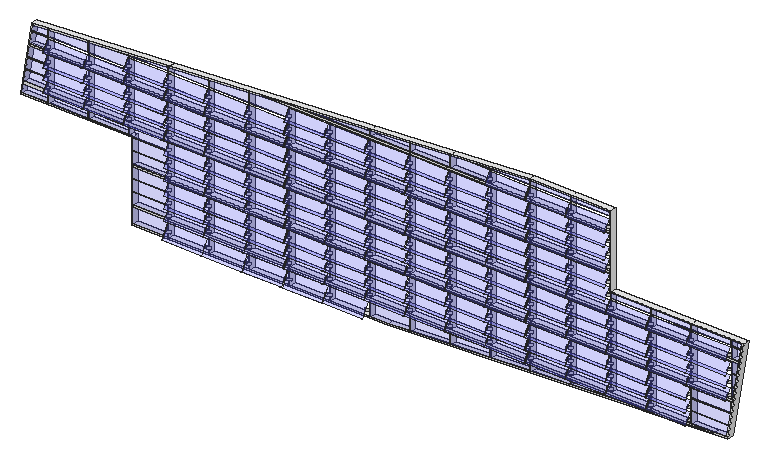
Revit family
Parameters
  프레임 = 루버 프레임
  유리 = 루버 유리
Reference planes
  plane 1 "중심(앞/뒤)": y = 0
  plane 2: z = 0
  plane 3 "중심(왼쪽/오른쪽)": x = 0
  plane 4: y = 150
  plane 5: y = 20
Forms (mm)
  Sweep 1, solid, material "루버 프레임" <- "프레임"
    path origin (0, 0, 0) x (1, 0, 0) y (0, 0, 1)
      loop
        line (-6298.594, 0) -> (75.088, 0) -> (8531.734, 443.194) -> (8929.67, 2700) -> (5638.906, 2700) -> (5638.906, 4500) -> (3613.906, 4500) -> (-8772.91, 3619.324) -> (-9067.257, 1950) -> (-6298.594, 1950) -> (-6298.594, 0)
    profile origin (-3111.753, 0, 0) x (0, 0, 1) y (0, -1, 0)
      loop
        line (0, 0) -> (0, -150) -> (25, -150) -> (25, 0) -> (0, 0)
  Extrusion 2, solid, material "루버 프레임" <- "프레임"
    sketch origin (-6298.594, 0, 0) x (1, 0, 0) y (0, 0, 1)
      loop
        line (14482.51, 450) -> (25, 450) -> (25, 400) -> (13528.454, 400) -> (14482.51, 450)
      loop
        line (14956.021, 1300) -> (14964.837, 1350) -> (25, 1350) -> (25, 1300) -> (14956.021, 1300)
      loop
        line (15123.531, 2250) -> (-2690.379, 2250) -> (-2699.195, 2200) -> (15114.715, 2200) -> (15123.531, 2250)
      loop
        line (11912.5, 3150) -> (-2531.684, 3150) -> (-2540.501, 3100) -> (11912.5, 3100) -> (11912.5, 3150)
      loop
        line (11912.5, 4000) -> (11912.5, 4050) -> (3935.711, 4050) -> (3232.455, 4000) -> (11912.5, 4000)
    from 0 to -150
  Extrusion 3, solid, material "루버 프레임" <- "프레임"
    sketch origin (0, 0, 0) x (1, 0, 0) y (0, 0, 1)
      loop
        line (-8386.094, 3100) -> (-8386.094, 2250) -> (-8361.094, 2250) -> (-8361.094, 3100) -> (-8386.094, 3100)
      loop
        line (-5386.094, 2200) -> (-5386.094, 1350) -> (-5361.094, 1350) -> (-5361.094, 2200) -> (-5386.094, 2200)
      loop
        line (-2386.094, 2200) -> (-2386.094, 1350) -> (-2361.094, 1350) -> (-2361.094, 2200) -> (-2386.094, 2200)
      loop
        line (613.906, 2200) -> (613.906, 1350) -> (638.906, 1350) -> (638.906, 2200) -> (613.906, 2200)
      loop
        line (-8386.094, 3621.763) -> (-8386.094, 3150) -> (-8361.094, 3150) -> (-8361.094, 3623.54) -> (-8386.094, 3621.763)
      loop
        line (-8386.094, 2200) -> (-8386.094, 1975) -> (-8361.094, 1975) -> (-8361.094, 2200) -> (-8386.094, 2200)
      loop
        line (6638.906, 2200) -> (6613.906, 2200) -> (6613.906, 1350) -> (6638.906, 1350) -> (6638.906, 2200)
      loop
        line (-5386.094, 3100) -> (-5386.094, 2250) -> (-5361.094, 2250) -> (-5361.094, 3100) -> (-5386.094, 3100)
      loop
        line (-5361.094, 3836.834) -> (-5386.094, 3835.056) -> (-5386.094, 3150) -> (-5361.094, 3150) -> (-5361.094, 3836.834)
      loop
        line (-5386.094, 1300) -> (-5386.094, 450) -> (-5361.094, 450) -> (-5361.094, 1300) -> (-5386.094, 1300)
      loop
        line (-5361.094, 400) -> (-5386.094, 400) -> (-5386.094, 25) -> (-5361.094, 25) -> (-5361.094, 400)
      loop
        line (-2361.094, 1300) -> (-2386.094, 1300) -> (-2386.094, 450) -> (-2361.094, 450) -> (-2361.094, 1300)
      loop
        line (-2361.094, 400) -> (-2386.094, 400) -> (-2386.094, 25) -> (-2361.094, 25) -> (-2361.094, 400)
      loop
        line (-2361.094, 3100) -> (-2386.094, 3100) -> (-2386.094, 2250) -> (-2361.094, 2250) -> (-2361.094, 3100)
      loop
        line (-2386.094, 4000) -> (-2386.094, 3150) -> (-2361.094, 3150) -> (-2361.094, 4000) -> (-2386.094, 4000)
      loop
        line (638.906, 3100) -> (613.906, 3100) -> (613.906, 2250) -> (638.906, 2250) -> (638.906, 3100)
      loop
        line (638.906, 4000) -> (613.906, 4000) -> (613.906, 3150) -> (638.906, 3150) -> (638.906, 4000)
      loop
        line (638.906, 4263.421) -> (613.906, 4261.643) -> (613.906, 4050) -> (638.906, 4050) -> (638.906, 4263.421)
      loop
        line (630.981, 1300) -> (613.906, 1300) -> (613.906, 450) -> (630.981, 450) -> (630.981, 1300)
      loop
        line (638.906, 400) -> (613.906, 400) -> (613.906, 53.273) -> (638.906, 54.583) -> (638.906, 400)
      loop
        line (6638.906, 450) -> (6638.906, 1300) -> (6613.906, 1300) -> (6613.906, 450) -> (6638.906, 450)
      loop
        line (6638.906, 400) -> (6613.906, 400) -> (6613.906, 367.719) -> (6638.906, 369.029) -> (6638.906, 400)
      loop
        line (3638.906, 4050) -> (3638.906, 4476.714) -> (3613.906, 4474.937) -> (3613.906, 4050) -> (3638.906, 4050)
      loop
        line (3638.906, 4000) -> (3613.906, 4000) -> (3613.906, 3150) -> (3638.906, 3150) -> (3638.906, 4000)
      loop
        line (3613.906, 3100) -> (3613.906, 2250) -> (3638.906, 2250) -> (3638.906, 3100) -> (3613.906, 3100)
      loop
        line (3613.906, 2200) -> (3613.906, 1350) -> (3638.906, 1350) -> (3638.906, 2200) -> (3613.906, 2200)
      loop
        line (3638.906, 1300) -> (3613.906, 1300) -> (3613.906, 450) -> (3638.906, 450) -> (3638.906, 1300)
      loop
        line (3638.906, 400) -> (3613.906, 400) -> (3613.906, 210.496) -> (3638.906, 211.806) -> (3638.906, 400)
      loop
        line (6638.906, 2675) -> (6613.906, 2675) -> (6613.906, 2250) -> (6638.906, 2250) -> (6638.906, 2675)
    from 0 to -150
  Extrusion 4, solid, material "루버 프레임" <- "프레임"
    sketch origin (0, 20, 0) x (1, 0, 0) y (0, 0, 1)
      loop
        line (-7361.094, 3694.638) -> (-7386.094, 3692.86) -> (-7386.094, 3150) -> (-7361.094, 3150) -> (-7361.094, 3694.638)
      loop
        line (-7361.094, 3100) -> (-7386.094, 3100) -> (-7386.094, 2250) -> (-7361.094, 2250) -> (-7361.094, 3100)
      loop
        line (-7361.094, 2200) -> (-7386.094, 2200) -> (-7386.094, 1975) -> (-7361.094, 1975) -> (-7361.094, 2200)
      loop
        line (8638.906, 2200) -> (8613.906, 2200) -> (8613.906, 1350) -> (8638.906, 1350) -> (8638.906, 2200)
      loop
        line (-6361.094, 1975) -> (-6361.094, 2200) -> (-6386.094, 2200) -> (-6386.094, 1975) -> (-6361.094, 1975)
      loop
        line (4638.906, 3150) -> (4638.906, 4000) -> (4613.906, 4000) -> (4613.906, 3150) -> (4638.906, 3150)
      loop
        line (4638.906, 3100) -> (4613.906, 3100) -> (4613.906, 2250) -> (4638.906, 2250) -> (4638.906, 3100)
      loop
        line (-6386.094, 3100) -> (-6386.094, 2250) -> (-6361.094, 2250) -> (-6361.094, 3100) -> (-6386.094, 3100)
      loop
        line (-6386.094, 3763.958) -> (-6386.094, 3150) -> (-6361.094, 3150) -> (-6361.094, 3765.736) -> (-6386.094, 3763.958)
      loop
        line (-4386.094, 3906.154) -> (-4386.094, 3150) -> (-4361.094, 3150) -> (-4361.094, 3907.931) -> (-4386.094, 3906.154)
      loop
        line (-4361.094, 3100) -> (-4386.094, 3100) -> (-4386.094, 2250) -> (-4361.094, 2250) -> (-4361.094, 3100)
      loop
        line (-4361.094, 2200) -> (-4386.094, 2200) -> (-4386.094, 1350) -> (-4361.094, 1350) -> (-4361.094, 2200)
      loop
        line (-4361.094, 1300) -> (-4386.094, 1300) -> (-4386.094, 450) -> (-4361.094, 450) -> (-4361.094, 1300)
      loop
        line (-4361.094, 400) -> (-4386.094, 400) -> (-4386.094, 25) -> (-4361.094, 25) -> (-4361.094, 400)
      loop
        line (-3361.094, 400) -> (-3386.094, 400) -> (-3386.094, 25) -> (-3361.094, 25) -> (-3361.094, 400)
      loop
        line (-3361.094, 1300) -> (-3386.094, 1300) -> (-3386.094, 450) -> (-3361.094, 450) -> (-3361.094, 1300)
      loop
        line (-3361.094, 2200) -> (-3386.094, 2200) -> (-3386.094, 1350) -> (-3361.094, 1350) -> (-3361.094, 2200)
      loop
        line (-3386.094, 3100) -> (-3386.094, 2250) -> (-3361.094, 2250) -> (-3361.094, 3100) -> (-3386.094, 3100)
      loop
        line (8638.906, 2250) -> (8638.906, 2675) -> (8613.906, 2675) -> (8613.906, 2250) -> (8638.906, 2250)
      loop
        line (7638.906, 450) -> (7638.906, 1300) -> (7613.906, 1300) -> (7613.906, 450) -> (7638.906, 450)
      loop
        line (5638.906, 400) -> (5613.906, 400) -> (5613.906, 315.311) -> (5638.906, 316.622) -> (5638.906, 400)
      loop
        line (-3386.094, 3977.252) -> (-3386.094, 3150) -> (-3361.094, 3150) -> (-3361.094, 3979.029) -> (-3386.094, 3977.252)
      loop
        line (-1386.094, 4119.448) -> (-1386.094, 4050) -> (-1361.094, 4050) -> (-1361.094, 4121.225) -> (-1386.094, 4119.448)
      loop
        line (4638.906, 4050) -> (4638.906, 4475) -> (4613.906, 4475) -> (4613.906, 4050) -> (4638.906, 4050)
      loop
        line (-1386.094, 4000) -> (-1386.094, 3150) -> (-1361.094, 3150) -> (-1361.094, 4000) -> (-1386.094, 4000)
      loop
        line (-1386.094, 3100) -> (-1386.094, 2250) -> (-1361.094, 2250) -> (-1361.094, 3100) -> (-1386.094, 3100)
      loop
        line (-1361.094, 2200) -> (-1386.094, 2200) -> (-1386.094, 1350) -> (-1361.094, 1350) -> (-1361.094, 2200)
      loop
        line (-1361.094, 1300) -> (-1386.094, 1300) -> (-1386.094, 450) -> (-1361.094, 450) -> (-1361.094, 1300)
      loop
        line (-1386.094, 400) -> (-1386.094, 25) -> (-1361.094, 25) -> (-1361.094, 400) -> (-1386.094, 400)
      loop
        line (-361.094, 400) -> (-386.094, 400) -> (-386.094, 25) -> (-361.094, 25) -> (-361.094, 400)
      loop
        line (-386.094, 1300) -> (-386.094, 450) -> (-361.094, 450) -> (-361.094, 1300) -> (-386.094, 1300)
      loop
        line (-361.094, 2200) -> (-386.094, 2200) -> (-386.094, 1350) -> (-361.094, 1350) -> (-361.094, 2200)
      loop
        line (-386.094, 3100) -> (-386.094, 2250) -> (-361.094, 2250) -> (-361.094, 3100) -> (-386.094, 3100)
      loop
        line (-361.094, 4000) -> (-386.094, 4000) -> (-386.094, 3150) -> (-361.094, 3150) -> (-361.094, 4000)
      loop
        line (-386.094, 4190.545) -> (-386.094, 4050) -> (-361.094, 4050) -> (-361.094, 4192.323) -> (-386.094, 4190.545)
      loop
        line (1613.906, 4332.741) -> (1613.906, 4050) -> (1638.906, 4050) -> (1638.906, 4334.519) -> (1613.906, 4332.741)
      loop
        line (1613.906, 4000) -> (1613.906, 3150) -> (1638.906, 3150) -> (1638.906, 4000) -> (1613.906, 4000)
      loop
        line (1613.906, 3100) -> (1613.906, 2250) -> (1638.906, 2250) -> (1638.906, 3100) -> (1613.906, 3100)
      loop
        line (1638.906, 2200) -> (1613.906, 2200) -> (1613.906, 1350) -> (1638.906, 1350) -> (1638.906, 2200)
      loop
        line (1638.906, 1300) -> (1613.906, 1300) -> (1613.906, 450) -> (1638.906, 450) -> (1638.906, 1300)
      loop
        line (1638.906, 400) -> (1613.906, 400) -> (1613.906, 105.68) -> (1638.906, 106.991) -> (1638.906, 400)
      loop
        line (2638.906, 400) -> (2613.906, 400) -> (2613.906, 158.088) -> (2638.906, 159.398) -> (2638.906, 400)
      loop
        line (2613.906, 1300) -> (2613.906, 450) -> (2638.906, 450) -> (2638.906, 1300) -> (2613.906, 1300)
      loop
        line (2638.906, 2200) -> (2613.906, 2200) -> (2613.906, 1350) -> (2638.906, 1350) -> (2638.906, 2200)
      loop
        line (2613.906, 3100) -> (2613.906, 2250) -> (2638.906, 2250) -> (2638.906, 3100) -> (2613.906, 3100)
      loop
        line (2613.906, 4403.839) -> (2613.906, 4050) -> (2638.906, 4050) -> (2638.906, 4405.616) -> (2613.906, 4403.839)
      loop
        line (4638.906, 2200) -> (4613.906, 2200) -> (4613.906, 1350) -> (4638.906, 1350) -> (4638.906, 2200)
      loop
        line (4638.906, 1300) -> (4613.906, 1300) -> (4613.906, 450) -> (4638.906, 450) -> (4638.906, 1300)
      loop
        line (4613.906, 400) -> (4613.906, 262.904) -> (4638.906, 264.214) -> (4638.906, 400) -> (4613.906, 400)
      loop
        line (5613.906, 1300) -> (5613.906, 450) -> (5638.906, 450) -> (5638.906, 1300) -> (5613.906, 1300)
      loop
        line (5638.906, 2200) -> (5613.906, 2200) -> (5613.906, 1350) -> (5638.906, 1350) -> (5638.906, 2200)
      loop
        line (5613.906, 2675) -> (5613.906, 2250) -> (5638.906, 2250) -> (5638.906, 2675) -> (5613.906, 2675)
      loop
        line (7613.906, 2675) -> (7613.906, 2250) -> (7638.906, 2250) -> (7638.906, 2675) -> (7613.906, 2675)
      loop
        line (7638.906, 2200) -> (7613.906, 2200) -> (7613.906, 1350) -> (7638.906, 1350) -> (7638.906, 2200)
      loop
        line (2638.906, 4000) -> (2613.906, 4000) -> (2613.906, 3150) -> (2638.906, 3150) -> (2638.906, 4000)
      loop
        line (8613.906, 1300) -> (8613.906, 1053.181) -> (8638.906, 1194.963) -> (8638.906, 1300) -> (8613.906, 1300)
    from 0 to -130
  Extrusion 5, solid, material "루버 유리" <- "유리"
    sketch origin (0, 0, 0) x (1, 0, 0) y (0, 0, 1)
      loop
        line (-8386.094, 3621.763) -> (-8751.677, 3595.77) -> (-8777.381, 3450) -> (-8386.094, 3450) -> (-8386.094, 3621.763)
      loop
        line (-8361.094, 3623.54) -> (-8361.094, 3450) -> (-7376.094, 3450) -> (-7376.094, 3693.571) -> (-8361.094, 3623.54)
      loop
        line (-6376.094, 3764.669) -> (-6934.047, 3725) -> (-6376.094, 3725) -> (-6376.094, 3764.669)
      loop
        line (-6371.094, 3725) -> (-5376.094, 3725) -> (-5376.094, 3835.767) -> (-6371.094, 3765.025) -> (-6371.094, 3725)
      loop
        line (-5371.094, 3725) -> (-4376.094, 3725) -> (-4376.094, 3906.865) -> (-5371.094, 3836.123) -> (-5371.094, 3725)
      loop
        line (-4371.094, 3725) -> (-3376.094, 3725) -> (-3376.094, 3977.963) -> (-4371.094, 3907.22) -> (-4371.094, 3725)
      loop
        line (-3371.094, 3978.318) -> (-3371.094, 3725) -> (-2386.094, 3725) -> (-2386.094, 4000) -> (-3066.139, 4000) -> (-3371.094, 3978.318)
      loop
        line (-2362.883, 4050) -> (-1376.094, 4050) -> (-1376.094, 4120.159) -> (-2362.883, 4050)
      loop
        line (-1371.094, 4050) -> (-376.094, 4050) -> (-376.094, 4191.256) -> (-1371.094, 4120.514) -> (-1371.094, 4050)
      loop
        line (-371.094, 4050) -> (613.906, 4050) -> (613.906, 4261.643) -> (-371.094, 4191.612) -> (-371.094, 4050)
      loop
        line (638.906, 4050) -> (1623.906, 4050) -> (1623.906, 4333.452) -> (638.906, 4263.421) -> (638.906, 4050)
      loop
        line (1856.653, 4350) -> (2623.906, 4350) -> (2623.906, 4404.55) -> (1856.653, 4350)
      loop
        line (2628.906, 4350) -> (3614.793, 4350) -> (3614.793, 4475) -> (2628.906, 4404.905) -> (2628.906, 4350)
      loop
        line (3638.906, 4350) -> (4623.906, 4350) -> (4623.906, 4475) -> (3638.906, 4475) -> (3638.906, 4350)
      loop
        line (4628.906, 4475) -> (4628.906, 4350) -> (5613.906, 4350) -> (5613.906, 4475) -> (4628.906, 4475)
      loop
        line (-9037.463, 1975) -> (-8386.094, 1975) -> (-8386.094, 2200) -> (-8997.789, 2200) -> (-9037.463, 1975)
      loop
        line (-8361.094, 1975) -> (-7376.094, 1975) -> (-7376.094, 2200) -> (-8361.094, 2200) -> (-8361.094, 1975)
      loop
        line (-7371.094, 2200) -> (-7371.094, 1975) -> (-6376.094, 1975) -> (-6376.094, 2200) -> (-7371.094, 2200)
      loop
        line (-6273.594, 1950) -> (-6273.594, 1650) -> (-5386.094, 1650) -> (-5386.094, 1950) -> (-6273.594, 1950)
      loop
        line (-6273.594, 1300) -> (-6273.594, 1020) -> (-5386.094, 1020) -> (-5386.094, 1300) -> (-6273.594, 1300)
      loop
        line (-6273.594, 730) -> (-6273.594, 450) -> (-5386.094, 450) -> (-5386.094, 730) -> (-6273.594, 730)
      loop
        line (-6273.594, 400) -> (-6273.594, 25) -> (-5386.094, 25) -> (-5386.094, 400) -> (-6273.594, 400)
      loop
        line (-371.094, 25) -> (74.433, 25) -> (613.906, 53.273) -> (613.906, 400) -> (-371.094, 400) -> (-371.094, 25)
      loop
        line (638.906, 54.583) -> (1623.906, 106.204) -> (1623.906, 400) -> (638.906, 400) -> (638.906, 54.583)
      loop
        line (1628.906, 106.466) -> (2623.906, 158.612) -> (2623.906, 400) -> (1628.906, 400) -> (1628.906, 106.466)
      loop
        line (2628.906, 400) -> (2628.906, 158.874) -> (3613.906, 210.496) -> (3613.906, 400) -> (2628.906, 400)
      loop
        line (3638.906, 400) -> (3638.906, 211.806) -> (4623.906, 263.428) -> (4623.906, 400) -> (3638.906, 400)
      loop
        line (4628.906, 263.69) -> (5623.906, 315.836) -> (5623.906, 400) -> (4628.906, 400) -> (4628.906, 263.69)
      loop
        line (5628.906, 316.098) -> (6613.906, 367.719) -> (6613.906, 400) -> (5628.906, 400) -> (5628.906, 316.098)
      loop
        line (6638.906, 369.029) -> (7229.859, 400) -> (6638.906, 400) -> (6638.906, 369.029)
      loop
        line (7628.906, 450) -> (8183.916, 450) -> (8510.567, 467.119) -> (8556.92, 730) -> (7628.906, 730) -> (7628.906, 450)
      loop
        line (7628.906, 1300) -> (7628.906, 1020) -> (8608.055, 1020) -> (8623.906, 1109.894) -> (8623.906, 1300) -> (7628.906, 1300)
      loop
        line (8628.906, 1300) -> (8628.906, 1138.25) -> (8657.427, 1300) -> (8628.906, 1300)
      loop
        line (8628.906, 1615.898) -> (8628.906, 1350) -> (8666.243, 1350) -> (8713.128, 1615.898) -> (8628.906, 1615.898)
      loop
        line (8628.906, 1920) -> (8766.749, 1920) -> (8816.121, 2200) -> (8628.906, 2200) -> (8628.906, 1920)
      loop
        line (8628.906, 2250) -> (8824.937, 2250) -> (8873.427, 2525) -> (8628.906, 2525) -> (8628.906, 2250)
      loop
        line (5638.906, 2675) -> (5638.906, 2530) -> (6613.906, 2530) -> (6613.906, 2675) -> (5638.906, 2675)
      loop
        line (6638.906, 2675) -> (6638.906, 2530) -> (7623.906, 2530) -> (7623.906, 2675) -> (6638.906, 2675)
      loop
        line (7628.906, 2675) -> (7628.906, 2530) -> (8613.906, 2530) -> (8613.906, 2675) -> (7628.906, 2675)
      loop
        line (-8839.095, 3100) -> (-8888.467, 2820) -> (-8386.094, 2820) -> (-8386.094, 3100) -> (-8839.095, 3100)
      loop
        line (-8386.094, 2530) -> (-8939.601, 2530) -> (-8988.973, 2250) -> (-8386.094, 2250) -> (-8386.094, 2530)
    from 0 to -20
  Extrusion 6, solid, material "루버 유리" <- "유리"
    sketch origin (0, 0, 0) x (1, 0, 0) y (0, 0, 1)
      loop
        line (1628.906, 4333.808) -> (1628.906, 4050) -> (2623.906, 4050) -> (2623.906, 4345) -> (1786.328, 4345) -> (1628.906, 4333.808)
      loop
        line (-7361.094, 3694.638) -> (-7361.094, 3440) -> (-6376.094, 3440) -> (-6376.094, 3725) -> (-6934.047, 3725) -> (-7361.094, 3694.638)
      loop
        line (-8386.094, 3435) -> (-8780.025, 3435) -> (-8830.279, 3150) -> (-8386.094, 3150) -> (-8386.094, 3435)
      loop
        line (-8386.094, 2815) -> (-8889.348, 2815) -> (-8937.838, 2540) -> (-8386.094, 2540) -> (-8386.094, 2815)
      loop
        line (-6371.094, 2200) -> (-6371.094, 1975) -> (-6273.594, 1975) -> (-6273.594, 1950) -> (-5386.094, 1950) -> (-5386.094, 2200) -> (-6371.094, 2200)
      loop
        line (-6273.594, 1650) -> (-6273.594, 1350) -> (-5386.094, 1350) -> (-5386.094, 1650) -> (-6273.594, 1650)
      loop
        line (-6273.594, 1020) -> (-6273.594, 735) -> (-5386.094, 735) -> (-5386.094, 1020) -> (-6273.594, 1020)
      loop
        line (7628.906, 1015) -> (7628.906, 730) -> (8556.92, 730) -> (8607.173, 1015) -> (7628.906, 1015)
      loop
        line (8628.906, 1915) -> (8628.906, 1620.898) -> (8714.01, 1620.898) -> (8765.868, 1915) -> (8628.906, 1915)
      loop
        line (8899.876, 2675) -> (8628.906, 2675) -> (8628.906, 2530) -> (8874.309, 2530) -> (8899.876, 2675)
    from 0 to -20
Dimensions and locks
  locked: plane 1 "중심(앞/뒤)" to plane 4 at 150
  locked: Sweep 1 sketch curve to Sweep 1 sketch curve at 25
  locked: plane 1 "중심(앞/뒤)" to plane 5 at 20
  plane 1 "중심(앞/뒤)" to plane 4 = 150 mm
  aligned and locked: profile plane to Sweep 1 sketch curve  (x2)
  aligned and locked: Sweep 1 sketch curve to plane 4
Nested families
  nested 1: "창 왼쪽" at (-4866.094, 20, 1020), type "창 왼쪽"
  nested 2: "창 가운데" at (-3866.094, 20, 1020), type "창 가운데"
  nested 3: "창 오른쪽" at (-2876.094, 20, 1020), type "창 오른쪽"
  nested 4: "창 왼쪽" at (-4866.094, 20, 735), type "창 왼쪽"
  nested 5: "창 가운데" at (-3866.094, 20, 735), type "창 가운데"
  nested 6: "창 오른쪽" at (-2876.094, 20, 735), type "창 오른쪽"
  nested 7: "창 왼쪽" at (-4866.094, 20, 450), type "창 왼쪽"
  nested 8: "창 가운데" at (-3866.094, 20, 450), type "창 가운데"
  nested 9: "창 오른쪽" at (-2876.094, 20, 450), type "창 오른쪽"
  nested 10: "창 오른쪽2" at (-2876.094, 20, 50), type "창 오른쪽2"
  nested 11: "창 가운데2" at (-3866.094, 20, 50), type "창 가운데2"
  nested 12: "창 왼쪽2" at (-4863.594, 20, 50), type "창 왼쪽2"
  nested 13: "창 왼쪽" at (-1866.094, 20, 1020), type "창 왼쪽"
  nested 14: "창 가운데" at (-866.094, 20, 1020), type "창 가운데"
  nested 15: "창 오른쪽" at (123.906, 20, 1020), type "창 오른쪽"
  nested 16: "창 왼쪽" at (-1866.094, 20, 735), type "창 왼쪽"
  nested 17: "창 가운데" at (-866.094, 20, 735), type "창 가운데"
  nested 18: "창 오른쪽" at (123.906, 20, 735), type "창 오른쪽"
  nested 19: "창 왼쪽" at (-1866.094, 20, 450), type "창 왼쪽"
  nested 20: "창 가운데" at (-866.094, 20, 450), type "창 가운데"
  nested 21: "창 오른쪽" at (123.906, 20, 450), type "창 오른쪽"
  nested 22: "창 가운데2" at (-866.094, 20, 50), type "창 가운데2"
  nested 23: "창 왼쪽2" at (-1863.594, 20, 50), type "창 왼쪽2"
  nested 24: "창 왼쪽" at (1130.972, 20, 1020), type "창 왼쪽"
  nested 25: "창 가운데" at (2130.972, 20, 1020), type "창 가운데"
  nested 26: "창 오른쪽" at (3120.972, 20, 1020), type "창 오른쪽"
  nested 27: "창 왼쪽" at (1130.972, 20, 735), type "창 왼쪽"
  nested 28: "창 가운데" at (2130.972, 20, 735), type "창 가운데"
  nested 29: "창 오른쪽" at (3120.972, 20, 735), type "창 오른쪽"
  nested 30: "창 왼쪽" at (1130.972, 20, 450), type "창 왼쪽"
  nested 31: "창 가운데" at (2130.972, 20, 450), type "창 가운데"
  nested 32: "창 오른쪽" at (3120.972, 20, 450), type "창 오른쪽"
  nested 33: "창 왼쪽" at (4134.878, 20, 1020), type "창 왼쪽"
  nested 34: "창 가운데" at (5134.878, 20, 1020), type "창 가운데"
  nested 35: "창 오른쪽" at (6124.878, 20, 1020), type "창 오른쪽"
  nested 36: "창 왼쪽" at (4134.878, 20, 735), type "창 왼쪽"
  nested 37: "창 가운데" at (5134.878, 20, 735), type "창 가운데"
  nested 38: "창 오른쪽" at (6124.878, 20, 735), type "창 오른쪽"
  nested 39: "창 왼쪽" at (4134.878, 20, 450), type "창 왼쪽"
  nested 40: "창 가운데" at (5134.878, 20, 450), type "창 가운데"
  nested 41: "창 오른쪽" at (6124.878, 20, 450), type "창 오른쪽"
  nested 42: "창 왼쪽" at (-4866.094, 20, 1925), type "창 왼쪽"
  nested 43: "창 가운데" at (-3866.094, 20, 1925), type "창 가운데"
  nested 44: "창 오른쪽" at (-2876.094, 20, 1925), type "창 오른쪽"
  nested 45: "창 왼쪽" at (-4866.094, 20, 1640), type "창 왼쪽"
  nested 46: "창 가운데" at (-3866.094, 20, 1640), type "창 가운데"
  nested 47: "창 오른쪽" at (-2876.094, 20, 1640), type "창 오른쪽"
  nested 48: "창 왼쪽" at (-4866.094, 20, 1355), type "창 왼쪽"
  nested 49: "창 가운데" at (-3866.094, 20, 1355), type "창 가운데"
  nested 50: "창 오른쪽" at (-2876.094, 20, 1355), type "창 오른쪽"
  nested 51: "창 왼쪽" at (-1866.094, 20, 1925), type "창 왼쪽"
  nested 52: "창 가운데" at (-866.094, 20, 1925), type "창 가운데"
  nested 53: "창 오른쪽" at (123.906, 20, 1925), type "창 오른쪽"
  nested 54: "창 왼쪽" at (-1866.094, 20, 1640), type "창 왼쪽"
  nested 55: "창 가운데" at (-866.094, 20, 1640), type "창 가운데"
  nested 56: "창 오른쪽" at (123.906, 20, 1640), type "창 오른쪽"
  nested 57: "창 왼쪽" at (-1866.094, 20, 1355), type "창 왼쪽"
  nested 58: "창 가운데" at (-866.094, 20, 1355), type "창 가운데"
  nested 59: "창 오른쪽" at (123.906, 20, 1355), type "창 오른쪽"
  nested 60: "창 왼쪽" at (1130.972, 20, 1925), type "창 왼쪽"
  nested 61: "창 가운데" at (2130.972, 20, 1925), type "창 가운데"
  nested 62: "창 오른쪽" at (3120.972, 20, 1925), type "창 오른쪽"
  nested 63: "창 왼쪽" at (1130.972, 20, 1640), type "창 왼쪽"
  nested 64: "창 가운데" at (2130.972, 20, 1640), type "창 가운데"
  nested 65: "창 오른쪽" at (3120.972, 20, 1640), type "창 오른쪽"
  nested 66: "창 왼쪽" at (1130.972, 20, 1355), type "창 왼쪽"
  nested 67: "창 가운데" at (2130.972, 20, 1355), type "창 가운데"
  nested 68: "창 오른쪽" at (3120.972, 20, 1355), type "창 오른쪽"
  nested 69: "창 왼쪽" at (4134.878, 20, 1925), type "창 왼쪽"
  nested 70: "창 가운데" at (5134.878, 20, 1925), type "창 가운데"
  nested 71: "창 오른쪽" at (6124.878, 20, 1925), type "창 오른쪽"
  nested 72: "창 왼쪽" at (4134.878, 20, 1640), type "창 왼쪽"
  nested 73: "창 가운데" at (5134.878, 20, 1640), type "창 가운데"
  nested 74: "창 오른쪽" at (6124.878, 20, 1640), type "창 오른쪽"
  nested 75: "창 왼쪽" at (4134.878, 20, 1355), type "창 왼쪽"
  nested 76: "창 가운데" at (5134.878, 20, 1355), type "창 가운데"
  nested 77: "창 오른쪽" at (6124.878, 20, 1355), type "창 오른쪽"
  nested 78: "창 왼쪽" at (-4866.094, 20, 2825), type "창 왼쪽"
  nested 79: "창 가운데" at (-3866.094, 20, 2825), type "창 가운데"
  nested 80: "창 오른쪽" at (-2876.094, 20, 2825), type "창 오른쪽"
  nested 81: "창 왼쪽" at (-4866.094, 20, 2540), type "창 왼쪽"
  nested 82: "창 가운데" at (-3866.094, 20, 2540), type "창 가운데"
  nested 83: "창 오른쪽" at (-2876.094, 20, 2540), type "창 오른쪽"
  nested 84: "창 왼쪽" at (-4866.094, 20, 2255), type "창 왼쪽"
  nested 85: "창 가운데" at (-3866.094, 20, 2255), type "창 가운데"
  nested 86: "창 오른쪽" at (-2876.094, 20, 2255), type "창 오른쪽"
  nested 87: "창 왼쪽" at (-1866.094, 20, 2825), type "창 왼쪽"
  nested 88: "창 가운데" at (-866.094, 20, 2825), type "창 가운데"
  nested 89: "창 오른쪽" at (123.906, 20, 2825), type "창 오른쪽"
  nested 90: "창 왼쪽" at (-1866.094, 20, 2540), type "창 왼쪽"
  nested 91: "창 가운데" at (-866.094, 20, 2540), type "창 가운데"
  nested 92: "창 오른쪽" at (123.906, 20, 2540), type "창 오른쪽"
  nested 93: "창 왼쪽" at (-1866.094, 20, 2255), type "창 왼쪽"
  nested 94: "창 가운데" at (-866.094, 20, 2255), type "창 가운데"
  nested 95: "창 오른쪽" at (123.906, 20, 2255), type "창 오른쪽"
  nested 96: "창 왼쪽" at (1130.972, 20, 2825), type "창 왼쪽"
  nested 97: "창 가운데" at (2130.972, 20, 2825), type "창 가운데"
  nested 98: "창 오른쪽" at (3120.972, 20, 2825), type "창 오른쪽"
  nested 99: "창 왼쪽" at (1130.972, 20, 2540), type "창 왼쪽"
  nested 100: "창 가운데" at (2130.972, 20, 2540), type "창 가운데"
  nested 101: "창 오른쪽" at (3120.972, 20, 2540), type "창 오른쪽"
  nested 102: "창 왼쪽" at (1130.972, 20, 2255), type "창 왼쪽"
  nested 103: "창 가운데" at (2130.972, 20, 2255), type "창 가운데"
  nested 104: "창 오른쪽" at (3120.972, 20, 2255), type "창 오른쪽"
  nested 105: "창 왼쪽" at (4134.878, 20, 2825), type "창 왼쪽"
  nested 106: "창 왼쪽" at (4134.878, 20, 2540), type "창 왼쪽"
  nested 107: "창 왼쪽" at (4134.878, 20, 2255), type "창 왼쪽"
  nested 108: "창 가운데" at (5134.878, 20, 2255), type "창 가운데"
  nested 109: "창 오른쪽" at (6124.878, 20, 2255), type "창 오른쪽"
  nested 110: "창 왼쪽" at (-1866.094, 20, 3725), type "창 왼쪽"
  nested 111: "창 가운데" at (-866.094, 20, 3725), type "창 가운데"
  nested 112: "창 오른쪽" at (123.906, 20, 3725), type "창 오른쪽"
  nested 113: "창 왼쪽" at (-1866.094, 20, 3440), type "창 왼쪽"
  nested 114: "창 가운데" at (-866.094, 20, 3440), type "창 가운데"
  nested 115: "창 오른쪽" at (123.906, 20, 3440), type "창 오른쪽"
  nested 116: "창 왼쪽" at (-1866.094, 20, 3155), type "창 왼쪽"
  nested 117: "창 가운데" at (-866.094, 20, 3155), type "창 가운데"
  nested 118: "창 오른쪽" at (123.906, 20, 3155), type "창 오른쪽"
  nested 119: "창 왼쪽" at (1130.972, 20, 3725), type "창 왼쪽"
  nested 120: "창 가운데" at (2130.972, 20, 3725), type "창 가운데"
  nested 121: "창 오른쪽" at (3120.972, 20, 3725), type "창 오른쪽"
  nested 122: "창 왼쪽" at (1130.972, 20, 3440), type "창 왼쪽"
  nested 123: "창 가운데" at (2130.972, 20, 3440), type "창 가운데"
  nested 124: "창 오른쪽" at (3120.972, 20, 3440), type "창 오른쪽"
  nested 125: "창 왼쪽" at (1130.972, 20, 3155), type "창 왼쪽"
  nested 126: "창 가운데" at (2130.972, 20, 3155), type "창 가운데"
  nested 127: "창 오른쪽" at (3120.972, 20, 3155), type "창 오른쪽"
  nested 128: "창 왼쪽" at (4134.878, 20, 3725), type "창 왼쪽"
  nested 129: "창 왼쪽" at (4134.878, 20, 3440), type "창 왼쪽"
  nested 130: "창 왼쪽" at (4134.878, 20, 3155), type "창 왼쪽"
  nested 131: "창 왼쪽" at (-7866.094, 20, 2825), type "창 왼쪽"
  nested 132: "창 가운데" at (-6866.094, 20, 2825), type "창 가운데"
  nested 133: "창 오른쪽" at (-5876.094, 20, 2825), type "창 오른쪽"
  nested 134: "창 왼쪽" at (-7866.094, 20, 2540), type "창 왼쪽"
  nested 135: "창 가운데" at (-6866.094, 20, 2540), type "창 가운데"
  nested 136: "창 오른쪽" at (-5876.094, 20, 2540), type "창 오른쪽"
  nested 137: "창 왼쪽" at (-7866.094, 20, 2255), type "창 왼쪽"
  nested 138: "창 가운데" at (-6866.094, 20, 2255), type "창 가운데"
  nested 139: "창 오른쪽" at (-5876.094, 20, 2255), type "창 오른쪽"
  nested 140: "창 왼쪽" at (7134.878, 20, 1020), type "창 왼쪽"
  nested 141: "창 왼쪽" at (7134.878, 20, 735), type "창 왼쪽"
  nested 142: "창 왼쪽" at (7134.878, 20, 450), type "창 왼쪽"
  nested 143: "창 왼쪽" at (7134.878, 20, 1925), type "창 왼쪽"
  nested 144: "창 가운데" at (8134.878, 20, 1925), type "창 가운데"
  nested 145: "창 왼쪽" at (7134.878, 20, 1640), type "창 왼쪽"
  nested 146: "창 가운데" at (8134.878, 20, 1640), type "창 가운데"
  nested 147: "창 왼쪽" at (7134.878, 20, 1355), type "창 왼쪽"
  nested 148: "창 가운데" at (8134.878, 20, 1355), type "창 가운데"
  nested 149: "창 왼쪽" at (7134.878, 20, 2255), type "창 왼쪽"
  nested 150: "창 가운데" at (8134.878, 20, 2255), type "창 가운데"
  nested 151: "창 왼쪽" at (-4866.094, 20, 3440), type "창 왼쪽"
  nested 152: "창 가운데" at (-3866.094, 20, 3440), type "창 가운데"
  nested 153: "창 오른쪽" at (-2876.094, 20, 3440), type "창 오른쪽"
  nested 154: "창 왼쪽" at (-4866.094, 20, 3155), type "창 왼쪽"
  nested 155: "창 가운데" at (-3866.094, 20, 3155), type "창 가운데"
  nested 156: "창 오른쪽" at (-2876.094, 20, 3155), type "창 오른쪽"
  nested 157: "창 오른쪽" at (-5876.094, 20, 3440), type "창 오른쪽"
  nested 158: "창 왼쪽" at (-7866.094, 20, 3155), type "창 왼쪽"
  nested 159: "창 가운데" at (-6866.094, 20, 3155), type "창 가운데"
  nested 160: "창 오른쪽" at (-5876.094, 20, 3155), type "창 오른쪽"
  nested 161: "창 오른쪽" at (3120.972, 20, 4075), type "창 오른쪽"
  nested 162: "창 왼쪽" at (4134.878, 20, 4075), type "창 왼쪽"
  nested 163: "창 오른쪽" at (5120.972, 20, 2825), type "창 오른쪽"
  nested 164: "창 오른쪽" at (5120.972, 20, 2540), type "창 오른쪽"
  nested 165: "창 오른쪽" at (5120.972, 20, 3725), type "창 오른쪽"
  nested 166: "창 오른쪽" at (5120.972, 20, 3440), type "창 오른쪽"
  nested 167: "창 오른쪽" at (5120.972, 20, 3155), type "창 오른쪽"
  nested 168: "창 오른쪽" at (5120.972, 20, 4055), type "창 오른쪽"
Definition of nested family "창 왼쪽"
  Parameters (values of type "창 왼쪽")
    프레임 = 루버 프레임
    유리 = 루버 유리
    Assembly Code = ""
  Reference planes
    plane 1 "중심(앞/뒤)": y = 0
    plane 2: z = 0
    plane 3 "중심(왼쪽/오른쪽)": x = 0
    plane 4: y = 150
    plane 5: x = -495
    plane 6: x = 490
    plane 7: x = -475
    plane 8: x = 480
    plane 9: x = 460
  Forms (mm)
    Extrusion 1, solid, material "루버 유리" <- "유리"
      sketch origin (490, 1296.25, 1200) x (0, 1, 0) y (0, 0, 1)
        loop
          line (-1339.287, -932.692) -> (-1489.287, -1192.5) -> (-1476.297, -1200) -> (-1326.297, -940.192) -> (-1339.287, -932.692)
      from 0 to -985
    Extrusion 2, solid, material "루버 프레임" <- "프레임"
      sketch origin (490, 1296.25, 1200) x (0, 1, 0) y (0, 0, 1)
        loop
          line (-1296.25, -1101.877) -> (-1388.797, -1048.446) -> (-1413.797, -1091.747) -> (-1296.25, -1159.612) -> (-1296.25, -1101.877)
      from -965 to -985
    Extrusion 3, solid, material "루버 프레임" <- "프레임"
      sketch origin (1445, 1296.25, 1200) x (0, 1, 0) y (0, 0, 1)
        loop
          line (-1296.25, -1101.877) -> (-1388.797, -1048.446) -> (-1413.797, -1091.747) -> (-1296.25, -1159.612) -> (-1296.25, -1101.877)
      from -965 to -985
  Dimensions and locks
    plane 5 to plane 3 "중심(왼쪽/오른쪽)" to plane 6 = 495 mm, 490 mm
    locked: plane 5 to plane 6 at 985
    locked: plane 5 to plane 7 at 20
    plane 9 to plane 8 to plane 6 = 20 mm locked, 10 mm locked
    aligned and locked: Extrusion 1 to plane 5
    aligned and locked: Extrusion 2 to plane 5
    aligned and locked: plane 7 to Extrusion 2
    aligned and locked: Extrusion 3 to plane 9
    aligned and locked: plane 8 to Extrusion 3
Definition of nested family "창 가운데"
  Parameters (values of type "창 가운데")
    프레임 = 루버 프레임
    유리 = 루버 유리
    Assembly Code = ""
  Reference planes
    plane 1 "중심(앞/뒤)": y = 0
    plane 2: z = 0
    plane 3 "중심(왼쪽/오른쪽)": x = 0
    plane 4: y = 150
    plane 5: x = -505
    plane 6: x = 490
    plane 7: x = -475
    plane 8: x = 480
    plane 9: x = 460
    plane 10: x = -495
  Forms (mm)
    Extrusion 1, solid, material "루버 유리" <- "유리"
      sketch origin (490, 1296.25, 1200) x (0, 1, 0) y (0, 0, 1)
        loop
          line (-1339.287, -932.692) -> (-1489.287, -1192.5) -> (-1476.297, -1200) -> (-1326.297, -940.192) -> (-1339.287, -932.692)
      from 0 to -995
    Extrusion 2, solid, material "루버 프레임" <- "프레임"
      sketch origin (490, 1296.25, 1200) x (0, 1, 0) y (0, 0, 1)
        loop
          line (-1296.25, -1101.877) -> (-1388.797, -1048.446) -> (-1413.797, -1091.747) -> (-1296.25, -1159.612) -> (-1296.25, -1101.877)
      from -965 to -985
    Extrusion 3, solid, material "루버 프레임" <- "프레임"
      sketch origin (1445, 1296.25, 1200) x (0, 1, 0) y (0, 0, 1)
        loop
          line (-1296.25, -1101.877) -> (-1388.797, -1048.446) -> (-1413.797, -1091.747) -> (-1296.25, -1159.612) -> (-1296.25, -1101.877)
      from -965 to -985
  Dimensions and locks
    plane 5 to plane 3 "중심(왼쪽/오른쪽)" to plane 6 = 505 mm, 490 mm
    locked: plane 5 to plane 6 at 995
    plane 5 to plane 7 = 30 mm
    plane 9 to plane 8 to plane 6 = 20 mm locked, 10 mm locked
    plane 10 to plane 7 = 20 mm
    aligned and locked: Extrusion 1 to plane 5
    aligned and locked: plane 7 to Extrusion 2
    aligned and locked: Extrusion 3 to plane 9
    aligned and locked: plane 8 to Extrusion 3
    aligned and locked: Extrusion 2 to plane 10
Definition of nested family "창 오른쪽"
  Parameters (values of type "창 오른쪽")
    프레임 = 루버 프레임
    유리 = 루버 유리
    Assembly Code = ""
  Reference planes
    plane 1 "중심(앞/뒤)": y = 0
    plane 2: z = 0
    plane 3 "중심(왼쪽/오른쪽)": x = 0
    plane 4: y = 150
    plane 5: x = -495
    plane 6: x = 490
    plane 7: x = 490
    plane 8: x = 470
    plane 9: x = -485
    plane 10: x = -465
  Forms (mm)
    Extrusion 1, solid, material "루버 유리" <- "유리"
      sketch origin (490, 1296.25, 1200) x (0, 1, 0) y (0, 0, 1)
        loop
          line (-1339.287, -932.692) -> (-1489.287, -1192.5) -> (-1476.297, -1200) -> (-1326.297, -940.192) -> (-1339.287, -932.692)
      from 0 to -985
    Extrusion 2, solid, material "루버 프레임" <- "프레임"
      sketch origin (1445, 1296.25, 1200) x (0, 1, 0) y (0, 0, 1)
        loop
          line (-1296.25, -1101.877) -> (-1388.797, -1048.446) -> (-1413.797, -1091.747) -> (-1296.25, -1159.612) -> (-1296.25, -1101.877)
      from -955 to -975
    Extrusion 3, solid, material "루버 프레임" <- "프레임"
      sketch origin (565, 1296.25, 1200) x (0, 1, 0) y (0, 0, 1)
        loop
          line (-1296.25, -1101.877) -> (-1388.797, -1048.446) -> (-1413.797, -1091.747) -> (-1296.25, -1159.612) -> (-1296.25, -1101.877)
      from -1030 to -1050
  Dimensions and locks
    plane 5 to plane 3 "중심(왼쪽/오른쪽)" to plane 6 = 495 mm locked, 490 mm
    plane 5 to plane 6 = 985 mm
    plane 8 to plane 7 to plane 6 = 20 mm locked, 0 mm locked
    plane 5 to plane 9 to plane 10 = 10 mm locked, 20 mm locked
    aligned and locked: Extrusion 1 to plane 5
    aligned and locked: Extrusion 2 to plane 8
    aligned and locked: plane 7 to Extrusion 2
    aligned and locked: Extrusion 3 to plane 9
    aligned and locked: plane 10 to Extrusion 3
Definition of nested family "창 오른쪽2"
  Parameters (values of type "창 오른쪽2")
    프레임 = 루버 프레임
    폭 = 50 mm
    유리 = 루버 유리
    Width = 985 mm
    Height = 300 mm
    Assembly Code = ""
  Reference planes
    plane 1 "중심(앞/뒤)": y = 0
    plane 2: z = 0
    plane 3 "중심(왼쪽/오른쪽)": x = 0
    plane 4: y = 150
    plane 5: x = -495
    plane 6: x = 490
    plane 7: x = -465
    plane 8: x = 490
    plane 9: x = 470
    plane 10: x = -485
  Forms (mm)
    Extrusion 1, solid, material "루버 유리" <- "유리"
      sketch origin (490, 1246.25, 1200) x (0, 1, 0) y (0, 0, 1)
        loop
          line (-1301.787, -867.74) -> (-1489.287, -1192.5) -> (-1476.297, -1200) -> (-1288.797, -875.24) -> (-1301.787, -867.74)
      from 0 to -985
    Extrusion 2, solid, material "루버 프레임" <- "프레임"
      sketch origin (490, 1273.571, 1247.321) x (0, 1, 0) y (0, 0, 1)
        loop
          line (-1273.571, -1114.971) -> (-1388.797, -1048.446) -> (-1413.797, -1091.747) -> (-1273.571, -1172.706) -> (-1273.571, -1114.971)
      from -955 to -975
    Extrusion 3, solid, material "루버 프레임" <- "프레임"
      sketch origin (1445, 1273.571, 1247.321) x (0, 1, 0) y (0, 0, 1)
        loop
          line (-1273.571, -1114.971) -> (-1388.797, -1048.446) -> (-1413.797, -1091.747) -> (-1273.571, -1172.706) -> (-1273.571, -1114.971)
      from -955 to -975
  Dimensions and locks
    plane 5 to plane 3 "중심(왼쪽/오른쪽)" to plane 6 = 495 mm, 490 mm
    plane 5 to plane 6 = 985 mm
    locked: plane 5 to plane 7 at 30
    plane 9 to plane 8 to plane 6 = 20 mm locked, 0 mm locked
    Extrusion 1 to Extrusion 1 = 375 mm
    locked: plane 5 to plane 10 at 10
    aligned and locked: Extrusion 1 to plane 5
    aligned and locked: plane 7 to Extrusion 2
    aligned and locked: Extrusion 3 to plane 9
    aligned and locked: plane 8 to Extrusion 3
    aligned and locked: Extrusion 3 to plane 1 "중심(앞/뒤)"
    aligned and locked: Extrusion 2 to plane 1 "중심(앞/뒤)"
    aligned and locked: Extrusion 2 to plane 10
Definition of nested family "창 가운데2"
  Parameters (values of type "창 가운데2")
    프레임 = 루버 프레임
    폭 = 50 mm
    유리 = 루버 유리
    Width = 985 mm
    Height = 300 mm
    Assembly Code = ""
  Reference planes
    plane 1 "중심(앞/뒤)": y = 0
    plane 2: z = 0
    plane 3 "중심(왼쪽/오른쪽)": x = 0
    plane 4: y = 150
    plane 5: x = -505
    plane 6: x = 490
    plane 7: x = -475
    plane 8: x = 480
    plane 9: x = 460
    plane 10: x = -495
  Forms (mm)
    Extrusion 1, solid, material "루버 유리" <- "유리"
      sketch origin (490, 1246.25, 1200) x (0, 1, 0) y (0, 0, 1)
        loop
          line (-1301.787, -867.74) -> (-1489.287, -1192.5) -> (-1476.297, -1200) -> (-1288.797, -875.24) -> (-1301.787, -867.74)
      from 0 to -995
    Extrusion 2, solid, material "루버 프레임" <- "프레임"
      sketch origin (490, 1273.571, 1247.321) x (0, 1, 0) y (0, 0, 1)
        loop
          line (-1273.571, -1114.971) -> (-1388.797, -1048.446) -> (-1413.797, -1091.747) -> (-1273.571, -1172.706) -> (-1273.571, -1114.971)
      from -965 to -985
    Extrusion 3, solid, material "루버 프레임" <- "프레임"
      sketch origin (1445, 1273.571, 1247.321) x (0, 1, 0) y (0, 0, 1)
        loop
          line (-1273.571, -1114.971) -> (-1388.797, -1048.446) -> (-1413.797, -1091.747) -> (-1273.571, -1172.706) -> (-1273.571, -1114.971)
      from -965 to -985
  Dimensions and locks
    plane 5 to plane 3 "중심(왼쪽/오른쪽)" to plane 6 = 505 mm, 490 mm
    plane 5 to plane 6 = 995 mm
    plane 5 to plane 7 = 30 mm
    plane 9 to plane 8 to plane 6 = 20 mm locked, 10 mm locked
    Extrusion 1 to Extrusion 1 = 375 mm
    locked: plane 5 to plane 10 at 10
    aligned and locked: Extrusion 1 to plane 5
    aligned and locked: plane 7 to Extrusion 2
    aligned and locked: Extrusion 3 to plane 9
    aligned and locked: plane 8 to Extrusion 3
    aligned and locked: Extrusion 3 to plane 1 "중심(앞/뒤)"
    aligned and locked: Extrusion 2 to plane 1 "중심(앞/뒤)"
    aligned and locked: Extrusion 2 to plane 10
Definition of nested family "창 왼쪽2"
  Parameters (values of type "창 왼쪽2")
    프레임 = 루버 프레임
    폭 = 50 mm
    유리 = 루버 유리
    Width = 985 mm
    Height = 300 mm
    Assembly Code = ""
  Reference planes
    plane 1 "중심(앞/뒤)": y = 0
    plane 2: z = 0
    plane 3 "중심(왼쪽/오른쪽)": x = -2.5
    plane 4: y = 150
    plane 5: x = -495
    plane 6: x = 490
    plane 7: x = -475
    plane 8: x = 480
    plane 9: x = 460
  Forms (mm)
    Extrusion 1, solid, material "루버 유리" <- "유리"
      sketch origin (490, 1246.25, 1200) x (0, 1, 0) y (0, 0, 1)
        loop
          line (-1301.787, -867.74) -> (-1489.287, -1192.5) -> (-1476.297, -1200) -> (-1288.797, -875.24) -> (-1301.787, -867.74)
      from 0 to -985
    Extrusion 2, solid, material "루버 프레임" <- "프레임"
      sketch origin (490, 1273.571, 1247.321) x (0, 1, 0) y (0, 0, 1)
        loop
          line (-1273.571, -1114.971) -> (-1388.797, -1048.446) -> (-1413.797, -1091.747) -> (-1273.571, -1172.706) -> (-1273.571, -1114.971)
      from -965 to -985
    Extrusion 3, solid, material "루버 프레임" <- "프레임"
      sketch origin (1445, 1273.571, 1247.321) x (0, 1, 0) y (0, 0, 1)
        loop
          line (-1273.571, -1114.971) -> (-1388.797, -1048.446) -> (-1413.797, -1091.747) -> (-1273.571, -1172.706) -> (-1273.571, -1114.971)
      from -965 to -985
  Dimensions and locks
    equal spacing: plane 5, plane 3 "중심(왼쪽/오른쪽)", plane 6
    "Width": plane 5 to plane 6
    locked: plane 5 to plane 7 at 20
    plane 9 to plane 8 to plane 6 = 20 mm locked, 10 mm locked
    Extrusion 1 to Extrusion 1 = 375 mm
    aligned and locked: Extrusion 1 to plane 5
    aligned and locked: Extrusion 2 to plane 5
    aligned and locked: plane 7 to Extrusion 2
    aligned and locked: Extrusion 3 to plane 9
    aligned and locked: plane 8 to Extrusion 3
    aligned and locked: Extrusion 3 sketch curve to Extrusion 2  (x2)
    aligned and locked: Extrusion 3 to plane 1 "중심(앞/뒤)"
    aligned and locked: Extrusion 2 to plane 1 "중심(앞/뒤)"
  Automatic sketch dimensions
    Extrusion 1 sketch curve to level = 0 mm
    level to Extrusion 1 sketch curve = 7.5 mm
    plane 1 "중심(앞/뒤)" to Extrusion 1 sketch curve = 243.036 mm
    Extrusion 1 sketch curve to Extrusion 1 sketch curve = 12.99 mm
    plane 1 "중심(앞/뒤)" to Extrusion 1 sketch curve = 55.536 mm
    plane 1 "중심(앞/뒤)" to Extrusion 2 sketch curve = 0 mm
    plane 1 "중심(앞/뒤)" to Extrusion 2 sketch curve = 115.226 mm
    Extrusion 2 sketch curve to Extrusion 2 sketch curve = 25 mm
    level to Extrusion 2 sketch curve = 74.614 mm
    Extrusion 2 sketch curve to Extrusion 2 sketch curve = 57.735 mm
    plane 1 "중심(앞/뒤)" to Extrusion 3 sketch curve = 0 mm
    plane 1 "중심(앞/뒤)" to Extrusion 3 sketch curve = 115.226 mm
